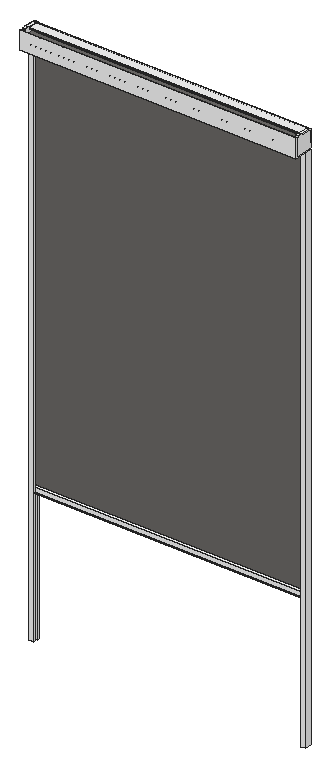
Revit family "Shades-Hunter_Douglas-RB500-Single_Standard_Duty-Auto-Bracket_Block_Out-3in", category Specialty Equipment, Revit 2025
Family settings
  Round Connector Dimension = Use Diameter
  Part Type = Normal
  OmniClass Number = 23.30.60.14
  OmniClass Title = Interior Window Treatment
  Work Plane-Based = No
  Enable Cutting in Views = No
  Always vertical = Yes
  Cut with Voids When Loaded = No
  Maintain Annotation Orientation = No
  Shared = No
  Room Calculation Point = No
Parameters (values of type "Automated")
  URL = "https://www.hunterdouglasarchitectural.com/"
  Type Comments = "Block Out Shade"  # constant formula
  Model = "Standard Duty Automated 3IN Bracket Block Out"  # constant formula
  Manufacturer = "Hunter Douglas Architectural"  # constant formula
  Description = "Standard Duty Automated Roller Shade"  # constant formula
  Default Elevation = 0' - 0"
  CD_Width [instance] = 4' - 0"
  CD_Warranty = "https://assets.hunterdouglasarchitectural.com/documents/RB500/Lifetime_Guarantee_HDA.pdf?_rand=1465740819000"
  CD_Product Page URL = "https://www.hunterdouglasarchitectural.com/windowcoverings/rollershades/RB500/index.jsp"
  CD_Product Name = "RB 500 Roller Shade System"  # constant formula
  CD_Product Documentation Link = "https://www.hunterdouglasarchitectural.com/windowcoverings/rollershades/RB500/index.jsp#cadDrawing"
  CD_Opening Percentage [instance] = 25
  CD_Microsite = "https://microsite.caddetails.com/1669"
  CD_Install Documentation = "https://www.hunterdouglasarchitectural.com/windowcoverings/rollershades/RB500/index.jsp#installationPage"
  CD_Height Opening [instance] = ((CD_Height - CD_Bracket Height - 0' 1 101/256") * CD_Opening Percentage) / 100  # 1' - 10.82324"
  CD_Height [instance] = 8' - 0"
  CD_Finish Rail = Metal-Aluminum-Hunter_Douglas-Anodized-White
  CD_Finish Frame = Metal-Aluminum-Hunter_Douglas-Anodized-White
  CD_Finish = Fabric-Shade-Hunter_Douglas-5%-E_Screen-Charcoal_Cocoa
  CD_Fabric Sizing Disclaimer = "Designer to verify maximum fabric size with Manufacturer as the maximum fabric size is dependent on finished dimensions"  # constant formula
  CD_Bracket Height = 0' - 3 5/16"  # constant formula
  CD_Bracket Depth = 0' - 3 9/64"  # constant formula
  Assembly Code = "E2010300"
Reference planes (in)
  plane 1 "Center (Front/Back)": y = -0.06427
  plane 2 "Bottom": z = 0
  plane 3 "Center (Left/Right)": x = 0
  plane 4 "Top": z = 96
  plane 5 "Left": x = -24
  plane 6 "Right": x = 24
  plane 7 "Back": y = 1.57031
  plane 8 "Front": y = -1.57031
  plane 9 "Opening": z = 22.82324
  plane 10 "Head Height": z = 92.6875
  plane 11 "Shade Left": x = -23.44922
  plane 12 "Shade Right": x = 23.44922
  plane 13 "Blind Location": y = 0.98718
  plane 14 "Center (Elevation)": z = 94.24448
Forms (in)
  Extrusion 1, solid, material "Metal-Aluminum-Hunter_Douglas-Anodized-White" <- "CD_Finish Frame", detail levels coarse
    sketch origin (0, 0, 0) x (0, 1, 0) y (0, 0, 1)
      loop
        line (1.57031, 92.6875) -> (1.57031, 96) -> (-1.57031, 96) -> (-1.57031, 92.6875) -> (1.57031, 92.6875)
    from -24 to 24
  Extrusion 2, solid, material "Metal-Aluminum-Hunter_Douglas-Anodized-White" <- "CD_Finish Rail", detail levels fine
    sketch origin (0, 0, -20.35107) x (0, 1, 0) y (0, 0, 1)
      loop
        line (1.29937, 43.48662) -> (1.29937, 44.25399)
        arc (1.29937, 44.25399) -> (1.0071, 44.56704) -> (0.67475, 44.29692) r 0.31379
        line (0.67475, 44.29692) -> (0.67475, 43.48662)
        arc (0.67475, 43.48662) -> (0.98706, 43.17431) -> (1.29937, 43.48662) r 0.31231
    from -23.44922 to 23.44922
  Extrusion 3, solid, material "Fabric-Shade-Hunter_Douglas-5%-E_Screen-Charcoal_Cocoa" <- "CD_Finish"
    sketch origin (0, 0, 0) x (0, 1, 0) y (0, 0, 1)
      loop
        line (1.00467, 22.82324) -> (1.00467, 93.46875) -> (0.96969, 93.46875) -> (0.96969, 22.82324) -> (1.00467, 22.82324)
    from -23.44922 to 23.44922
  Extrusion 4, solid, material "Metal-Aluminum-Hunter_Douglas-Anodized-White" <- "CD_Finish Rail", detail levels fine
    sketch origin (0, 0, 0) x (1, 0, 0) y (0, 1, 0)
      loop
        line (-23.17198, 1.29937) -> (-23.17198, 1.52017) -> (-24, 1.52017) -> (-24, 0.45419) -> (-23.17198, 0.45419) -> (-23.17198, 0.67475) -> (-23.44922, 0.67475) -> (-23.44922, 1.29937) -> (-23.17198, 1.29937)
      loop
        line (23.17198, 1.29937) -> (23.44922, 1.29937) -> (23.44922, 0.67475) -> (23.17198, 0.67475) -> (23.17198, 0.45419) -> (24, 0.45419) -> (24, 1.52017) -> (23.17198, 1.52017) -> (23.17198, 1.29937)
    from 0 to 92.6875
  Extrusion 5, solid, material "Metal-Aluminum-Hunter_Douglas-Anodized-White" <- "CD_Finish Rail", detail levels coarse
    sketch origin (0, 0, 0) x (1, 0, 0) y (0, 1, 0)
      loop
        line (-24, 1.52017) -> (-24, 0.45767) -> (-23.44922, 0.45767) -> (-23.44922, 1.52017) -> (-24, 1.52017)
      loop
        line (24, 1.52017) -> (23.44922, 1.52017) -> (23.44922, 0.45767) -> (24, 0.45767) -> (24, 1.52017)
    from 0 to 92.6875
  Extrusion 6, solid, material "Fabric-Shade-Hunter_Douglas-5%-E_Screen-Charcoal_Cocoa" <- "CD_Finish"
    sketch origin (0, 0, 0) x (0, 1, 0) y (0, 0, 1)
      loop
        arc (0.88708, 94.09361) -> (-1.00414, 94.45534) -> (0.86036, 93.97449) r 0.96324
        line (0.86036, 93.97449) -> (0.96969, 92.41411) -> (1.00459, 92.41655) -> (0.88708, 94.09361)
    from -23.44922 to 23.44922
  Extrusion 7, solid, material "Metal-Aluminum-Hunter_Douglas-Anodized-White" <- "CD_Finish Frame", detail levels medium+fine
    sketch origin (0, 0, 0.00115) x (0, 1, 0) y (0, 0, 1)
      loop
        arc (0.70388, 92.68635) -> (0.77067, 92.70622) -> (0.81573, 92.75937) r 0.12217
        line (0.81573, 92.75937) -> (-1.4994, 92.75937) -> (-1.4994, 95.87162) -> (-1.57031, 95.87162) -> (-1.57031, 92.68635) -> (0.70388, 92.68635)
    from -24 to 24
  Extrusion 8, solid, material "Metal-Aluminum-Hunter_Douglas-Anodized-White" <- "CD_Finish Frame", detail levels medium+fine
    sketch origin (0, 0, 0.00115) x (0, 1, 0) y (0, 0, 1)
      loop
        line (1.49031, 95.77162) -> (1.49031, 93.95162) -> (1.57031, 93.95162) -> (1.57031, 95.80162)
        arc (1.57031, 95.80162) -> (1.52638, 95.90768) -> (1.42031, 95.95162) r 0.15
        line (1.42031, 95.95162) -> (-0.42969, 95.95162) -> (-0.42969, 95.87162) -> (1.39031, 95.87162)
        arc (1.39031, 95.87162) -> (1.46102, 95.84233) -> (1.49031, 95.77162) r 0.1
    from -24 to 24
  Extrusion 9, solid, material "Metal-Aluminum-Hunter_Douglas-Anodized-White" <- "CD_Finish Frame", detail levels medium+fine
    sketch origin (0, 0, 0.00115) x (0, 1, 0) y (0, 0, 1)
      loop
        line (1.57031, 92.95162) -> (1.57031, 95.95162) -> (-0.92969, 95.95162) -> (-0.92969, 95.64988) -> (-1.42969, 95.56173) -> (-1.42969, 92.95162) -> (1.57031, 92.95162)
    from 23.44922 to 24
  Extrusion 10, solid, material "Metal-Aluminum-Hunter_Douglas-Anodized-White" <- "CD_Finish Frame", detail levels medium+fine
    sketch origin (-34.25, 0, 0.00115) x (0, 1, 0) y (0, 0, 1)
      loop
        line (1.57031, 92.95162) -> (1.57031, 95.95162) -> (-0.92969, 95.95162) -> (-0.92969, 95.64988) -> (-1.42969, 95.56173) -> (-1.42969, 92.95162) -> (1.57031, 92.95162)
    from 10.25 to 10.80078
Cuts and joins
  joined: Extrusion 3, Extrusion 6
Lines and regions (in)
  Masking region 1, detail levels fine
    outline origin (0, 0, 0) x (0, 1, 0) y (0, 0, 1)
      loop
        arc (1.29937, 23.90293) -> (1.0071, 24.21597) -> (0.67475, 23.94586) r 0.31379
        line (0.67475, 23.94586) -> (0.67475, 23.13555)
        arc (0.67475, 23.13555) -> (0.98706, 22.82324) -> (1.29937, 23.13555) r 0.31231
        line (1.29937, 23.13555) -> (1.29937, 23.90293)
Dimensions and locks (in)
  "CD_Height": plane 4 "Top" to plane 2 "Bottom"
  equal spacing: plane 5 "Left", plane 3 "Center (Left/Right)", plane 6 "Right"
  "CD_Width": plane 5 "Left" to plane 6 "Right"
  plane 1 "Center (Front/Back)" to plane 7 "Back" = 0' - 1.63458"
  "CD_Bracket Depth": plane 8 "Front" to plane 7 "Back"
  Extrusion 2 sketch curve to Extrusion 2 sketch curve to Extrusion 2 sketch curve to Extrusion 2 sketch curve to Extrusion 2 sketch curve to plane 9 "Opening" to Extrusion 2 sketch curve = 0' - 0.27086" locked, 0' - 0.04293" locked, 0' - 0.76737" locked, 0' - 0" locked, 0' - 0.31231" locked, 0' - 0" locked
  Extrusion 2 sketch curve to plane 13 "Blind Location" to Extrusion 2 sketch curve = 0' - 0.31219" locked, 0' - 0.31243" locked
  locked: Extrusion 3 sketch curve to plane 10 "Head Height" at 0.78125
  Extrusion 3 sketch curve to plane 13 "Blind Location" to Extrusion 3 sketch curve = 0' - 0.01749" locked, 0' - 0.01749" locked
  locked: plane 5 "Left" to plane 11 "Shade Left" at 0.55078
  locked: plane 12 "Shade Right" to plane 6 "Right" at 0.55078
  "CD_Height Opening": plane 9 "Opening" to level
  "CD_Bracket Height": plane 4 "Top" to plane 10 "Head Height"
  Masking region 1 sketch curve to Masking region 1 sketch curve to Masking region 1 sketch curve to Masking region 1 sketch curve to Masking region 1 sketch curve to plane 9 "Opening" to Masking region 1 sketch curve = 0' - 0.27086" locked, 0' - 0.04293" locked, 0' - 0.76737" locked, 0' - 0" locked, 0' - 0.31231" locked, 0' - 0" locked
  Masking region 1 sketch curve to plane 13 "Blind Location" to Masking region 1 sketch curve = 0' - 0.31219" locked, 0' - 0.31243" locked
  Extrusion 4 sketch curve to plane 11 "Shade Left" to Extrusion 4 sketch curve to Extrusion 4 sketch curve = 0' - 0 141/256" locked, 0' - 0.27724" locked, 0' - 0" locked
  Extrusion 4 sketch curve to Extrusion 4 sketch curve to plane 13 "Blind Location" to Extrusion 4 sketch curve to Extrusion 4 sketch curve = 0' - 0.22057" locked, 0' - 0.31243" locked, 0' - 0.31219" locked, 0' - 0.2208" locked  (x2)
  Extrusion 5 sketch curve to plane 13 "Blind Location" to Extrusion 5 sketch curve = 0' - 0.52951" locked, 0' - 0.53299" locked  (x2)
  Extrusion 9 sketch curve to plane 7 "Back" to Extrusion 9 sketch curve to Extrusion 9 sketch curve = 0' - 0" locked, 0' - 2 1/2" locked, 0' - 0 1/2" locked
  plane 4 "Top" to Extrusion 9 sketch curve to Extrusion 9 sketch curve to Extrusion 9 sketch curve to Extrusion 9 sketch curve = 0' - 0.04724" locked, 0' - 0.30173" locked, 0' - 0.08816" locked, 0' - 2.61011" locked
  plane 4 "Top" to Extrusion 7 sketch curve to Extrusion 7 sketch curve to Extrusion 7 sketch curve = 0' - 0.12724" locked, 0' - 3.11225" locked, 0' - 0.07302" locked
  plane 7 "Back" to Extrusion 7 sketch curve to Extrusion 7 sketch curve to Extrusion 7 sketch curve = 0' - 0.74426" locked, 0' - 2.32546" locked, 0' - 0.07091" locked
  Extrusion 10 sketch curve to plane 7 "Back" to Extrusion 10 sketch curve to Extrusion 10 sketch curve = 0' - 0" locked, 0' - 2 1/2" locked, 0' - 0 1/2" locked
  plane 4 "Top" to Extrusion 10 sketch curve to Extrusion 10 sketch curve to Extrusion 10 sketch curve to Extrusion 10 sketch curve = 0' - 0.04724" locked, 0' - 0.30173" locked, 0' - 0.08816" locked, 0' - 2.61011" locked
  plane 7 "Back" to Extrusion 6 sketch curve to Extrusion 6 sketch curve to Extrusion 6 sketch curve = 0' - 0.56573" locked, 0' - 0.0349" locked, 0' - 1.99719" locked
  plane 4 "Top" to Extrusion 6 sketch curve to Extrusion 6 sketch curve to Extrusion 6 sketch curve to Extrusion 6 sketch curve to Extrusion 6 sketch curve = 0' - 0.79228" locked, 0' - 1.11411" locked, 0' - 0.11912" locked, 0' - 1.55794" locked, 0' - 0.00245" locked
  Extrusion 8 sketch curve to plane 7 "Back" to Extrusion 8 sketch curve to Extrusion 8 sketch curve = 0' - 0" locked, 0' - 0.08" locked, 0' - 1.92" locked
  plane 4 "Top" to Extrusion 8 sketch curve to Extrusion 8 sketch curve to Extrusion 8 sketch curve = 0' - 0.04724" locked, 0' - 0.08" locked, 0' - 1.92" locked
  locked: plane 14 "Center (Elevation)" to plane 10 "Head Height" at 1.55698
  locked: plane 8 "Front" to plane 1 "Center (Front/Back)" at 1.50604
  Extrusion 4 sketch curve to Extrusion 4 sketch curve to Extrusion 4 sketch curve to plane 12 "Shade Right" to Extrusion 5 = 0' - 0" locked, 0' - 0.27724" locked, 0' - 0" locked, 0' - 0 141/256" locked
  aligned and locked: plane 2 "Bottom" to level
  aligned and locked: plane 4 "Top" to Extrusion 1 sketch curve
  aligned and locked: plane 8 "Front" to Extrusion 1 sketch curve
  aligned and locked: Extrusion 1 sketch curve to plane 7 "Back"
  aligned and locked: Extrusion 1 sketch curve to plane 10 "Head Height"
  aligned and locked: Extrusion 1 to plane 5 "Left"
  aligned and locked: plane 6 "Right" to Extrusion 1
  aligned and locked: Extrusion 3 to plane 11 "Shade Left"
  aligned and locked: plane 12 "Shade Right" to Extrusion 3
  aligned and locked: Extrusion 3 to plane 9 "Opening"
  aligned and locked: Extrusion 4 sketch curve to plane 6 "Right"
  aligned and locked: plane 10 "Head Height" to Extrusion 4
  aligned and locked: Extrusion 4 to level
  aligned and locked: Extrusion 5 sketch curve to plane 5 "Left"
  aligned and locked: plane 11 "Shade Left" to Extrusion 5 sketch curve
  aligned and locked: Extrusion 5 sketch curve to plane 6 "Right"
  aligned and locked: plane 12 "Shade Right" to Extrusion 5 sketch curve
  aligned and locked: Extrusion 5 to level
  aligned and locked: plane 10 "Head Height" to Extrusion 5
  aligned and locked: Extrusion 6 to plane 11 "Shade Left"
  aligned and locked: plane 12 "Shade Right" to Extrusion 6
  aligned and locked: Extrusion 2 to plane 11 "Shade Left"
  aligned and locked: plane 12 "Shade Right" to Extrusion 2
  aligned and locked: Extrusion 10 to plane 5 "Left"
  aligned and locked: plane 11 "Shade Left" to Extrusion 10
  aligned and locked: Extrusion 7 to plane 5 "Left"
  aligned and locked: plane 6 "Right" to Extrusion 7
  aligned and locked: plane 6 "Right" to Extrusion 9
  aligned and locked: Extrusion 9 to plane 12 "Shade Right"
  aligned and locked: plane 6 "Right" to Extrusion 8
  aligned and locked: Extrusion 8 to plane 5 "Left"
Automatic sketch dimensions
  plane 9 "Opening" to Extrusion 3 sketch curve = 0' - 0"
  plane 11 "Shade Left" to Extrusion 4 sketch curve = 0' - 0"
  Extrusion 7 sketch curve to plane 1 "Center (Front/Back)" = 0' - 0.76815"
  plane 7 "Back" to Extrusion 8 sketch curve = 0' - 0.15"
  Extrusion 8 sketch curve to Extrusion 8 sketch curve = 0' - 0.03"
